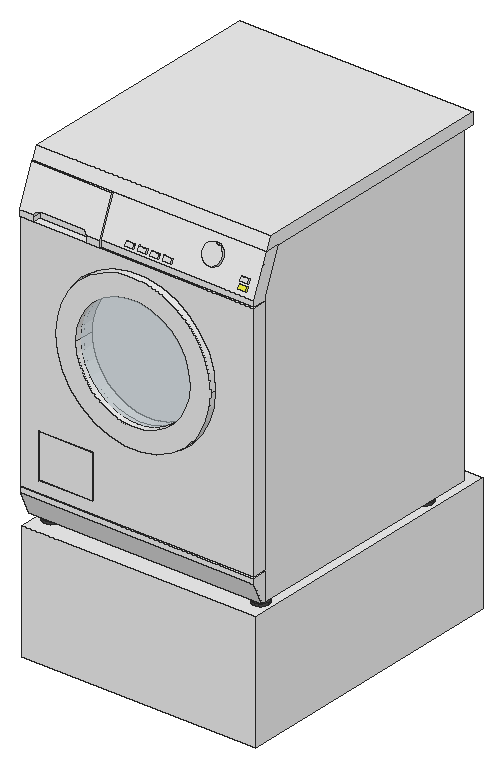
Revit family
Parameters (values of type "5.0 Kw")
  Warranty Duration (Years) = 0
  Voltage_MEP = 240 V
  URL = "http://www.professionallaundry.com/intro/default.asp"
  Specification = "http://www.arcat.com/sdspecs/htm/11110mpp.htm"
  Send Message = "http://www.arcat.com/users.pl?action=UserEmail&company=Miele%20Professional%20Products&coid=46081&rep=121&fax=609-419-4298&mf="
  Sales Information = "http://miele.com/locator/locator_new.asp?nav=800&snav=800&tnav=800&oT=7"
  Revision = "R1_03-2010"
  Product Properties = "http://www.arcat.com/bim/bim_info.pl?fn=Miele"
  Product Data = "http://www.arcat.com/arcatcos/cos46/arc46081.html"
  Model = "PW 6065 - 5.0 Kw"
  Manufacturer Website = "http://www.professionallaundry.com/intro/default.asp"
  Manufacturer Phone - Toll Free = "800-843-7231 "
  Manufacturer Phone = "609-419-9898 "
  Manufacturer Fax = "609-419-4298"
  Manufacturer Address = "9 Independence Way, Princeton, NJ 08540"
  Manufacturer = "Miele Professional Products"
  Maintenance Schedule (Months) = 0
  MEP Wattage = Voltage_MEP * MEP Amperage  # 7200 VA
  MEP Amperage = 30 A
  Keynote = "11 23 00"
  Installation-Fabrication = "http://www.professionallaundry.com/model/modelsintro.asp"
  Installation Phase = ""
  HW2 = Connection Dia HW / 2  # 0' - 0 1/4"
  Green Building-LEED = "http://www.arcat.com/green/clients/leed_data_46081.html"
  Expected Lifespan (Years) = 0
  Drawn By = "Robert S. Weygant, CSI, CDT, SCIP"
  Description = "Miele PW6065 5.0Kw Commercial Washer"
  DWV2 = Connection Dia DWV / 2  # 0' - 1 1/2"
  Copyright = "2010, ARCAT, Inc"
  Construction Details = "http://www.professionallaundry.com/model/modelsintro.asp"
  Connection Dia HW = 0' - 0 1/2"
  Connection Dia Electrical = 0' - 1"
  Connection Dia DWV = 0' - 3"
  Connection Dia CW = 0' - 0 1/2"
  Connect Dpth = -0' - 1"
  Circuits = 2
  Capacity = "15 Lbs"
  CW2 = Connection Dia CW / 2  # 0' - 0 1/4"
  Body Material = Metal - Stainless Steel
  Assembly Code = "E1090320"
Types (2): name | Voltage_MEP | Model | MEP Wattage | MEP Amperage | Description
  5.0 Kw | 240 V | "PW 6065 - 5.0 Kw" | 7200 VA | 30 A | "Miele PW6065 5.0Kw Commercial Washer"
  4.0 Kw | 208 V | "PW 6065 - 4.0 Kw" | 4160 VA | 20 A | "Miele PW6065 4.0Kw Commercial Washer"
Reference planes (in)
  plane 1 "Center (Front/Back)": y = 0
  plane 2: z = 0
  plane 3 "Center (Left/Right)": x = 0
  plane 4 "Connection Plane": y = 12.70794
  plane 5: z = 54.97762
Forms (in)
  Extrusion 1, solid, material "Electrical"
    sketch origin (11.25, 12.70794, 46.69681) x (-1, 0, 0) y (0, 0, -1)
      loop
        circle (19.22397, 6.9376) r 0.5
    from 0 to -1 <- "Connect Dpth"
  Extrusion 2, solid, material "Pb Sanitary"
    sketch origin (13.279, 12.70794, 22.11087) x (-1, 0, 0) y (0, 0, -1)
      loop
        circle (20.22397, 6.9376) r 1.5
    from 0 to -1.57403
  Extrusion 3, solid, material "Pb Supply Cold"
    sketch origin (16.625, 12.70794, 46.69681) x (-1, 0, 0) y (0, 0, -1)
      loop
        circle (18.97397, 6.9376) r 0.25
    from 0 to -1 <- "Connect Dpth"
  Extrusion 4, solid, material "Pb Supply Hot"
    sketch origin (21.375, 12.70794, 46.69681) x (-1, 0, 0) y (0, 0, -1)
      loop
        circle (18.97397, 6.9376) r 0.25
    from 0 to -1 <- "Connect Dpth"
  Extrusion 5, solid, material "Appliance Foot", not visible
    sketch origin (-17.94491, 0, 5.70173) x (1, 0, 0) y (0, 1, 0)
      loop
        circle (4.33957, -18.03075) r 0.81159
    from 0 to 0.18037
  Extrusion 6, solid, material "Appliance Foot", not visible
    sketch origin (-17.94491, 0, 5.70173) x (1, 0, 0) y (0, 1, 0)
      loop
        circle (4.31639, -18.03075) r 0.18544
    from 0.18037 to 0.7822
  Extrusion 7, solid, material "Appliance Foot"
    sketch origin (-14.89593, 6.71185, 11.81) x (1, 0, 0) y (0, 1, 0)
      loop
        circle (4.33957, -18.03075) r 0.81159
    from 0 to 0.18037
  Extrusion 8, solid, material "Metal - Stainless Steel" <- "Body Material"
    sketch origin (0, 9.41378, 0) x (1, 0, 0) y (0, 0, 1)
      loop
        line (-11.75889, 15.47047) -> (11.7126, 15.47047) -> (11.7126, 39.64228) -> (-11.75889, 39.64228) -> (-11.75889, 15.47047)
      loop
        circle (0, 30.83237) r 7.9
      loop
        line (-9.95339, 21.06416) -> (-9.95339, 16.52726) -> (-4.44431, 16.52726) -> (-4.44431, 21.06416) -> (-9.95339, 21.06416)
    from 21.71884 to 23.09391
  Extrusion 9, solid, material "Metal - Stainless Steel" <- "Body Material"
    sketch origin (0, 9.41378, 0) x (1, 0, 0) y (0, 0, 1)
      loop
        circle (0, 30.83237) r 7.75
      loop
        circle (0, 30.83237) r 5.75
    from 21.71884 to 23.64024
  Extrusion 10, solid, material "Glass - Laundry"
    sketch origin (0, 9.41378, 0) x (1, 0, 0) y (0, 0, 1)
      loop
        circle (0, 30.83237) r 5.75
    from 22.70332 to 23.09391
  Extrusion 11, solid, material "Appliance Foot"
    sketch origin (-14.89593, 6.71185, 11.81) x (1, 0, 0) y (0, 1, 0)
      loop
        circle (4.31639, -18.03075) r 0.18544
    from 0.18037 to 0.7822
  Extrusion 12, solid, material "Appliance Foot"
    sketch origin (-14.89593, 27.35791, 11.81) x (1, 0, 0) y (0, 1, 0)
      loop
        circle (4.33957, -18.03075) r 0.81159
    from 0 to 0.18037
  Extrusion 13, solid, material "Appliance Foot"
    sketch origin (-14.89593, 27.35791, 11.81) x (1, 0, 0) y (0, 1, 0)
      loop
        circle (4.31639, -18.03075) r 0.18544
    from 0.18037 to 0.7822
  Extrusion 14, solid, material "Appliance Foot"
    sketch origin (6.14479, 6.71185, 11.81) x (1, 0, 0) y (0, 1, 0)
      loop
        circle (4.33957, -18.03075) r 0.81159
    from 0 to 0.18037
  Extrusion 15, solid, material "Appliance Foot"
    sketch origin (6.14479, 6.71185, 11.81) x (1, 0, 0) y (0, 1, 0)
      loop
        circle (4.31639, -18.03075) r 0.18544
    from 0.18037 to 0.7822
  Extrusion 16, solid, material "Appliance Foot"
    sketch origin (6.14479, 27.35791, 11.81) x (1, 0, 0) y (0, 1, 0)
      loop
        circle (4.33957, -18.03075) r 0.81159
    from 0 to 0.18037
  Extrusion 17, solid, material "Appliance Foot"
    sketch origin (6.14479, 27.35791, 11.81) x (1, 0, 0) y (0, 1, 0)
      loop
        circle (4.31639, -18.03075) r 0.18544
    from 0.18037 to 0.7822
  Extrusion 18, solid, material "White"
    sketch origin (2.71984, -15.12676, 36.93336) x (0, -0.388057, -0.921635) y (1, 0, 0)
      loop
        line (-4.50602, -3.9823) -> (-4.08882, -3.9823) -> (-4.08882, -3.19426) -> (-4.50602, -3.19426) -> (-4.50602, -3.9823)
      loop
        line (-4.50602, -2.76203) -> (-4.08882, -2.76203) -> (-4.08882, -1.92763) -> (-4.50602, -1.92763) -> (-4.50602, -2.76203)
      loop
        line (-4.50602, -1.469) -> (-4.08882, -1.469) -> (-4.08882, -0.68095) -> (-4.50602, -0.68095) -> (-4.50602, -1.469)
      loop
        line (-4.50602, -0.20757) -> (-4.08882, -0.20757) -> (-4.08882, 0.58048) -> (-4.50602, 0.58048) -> (-4.50602, -0.20757)
      loop
        line (-5.261, 7.33254) -> (-4.8438, 7.33254) -> (-4.8438, 8.12058) -> (-5.261, 8.12058) -> (-5.261, 7.33254)
    from 0 to 0.125
  Extrusion 19, solid, material "White"
    sketch origin (2.2794, -15.16383, 36.84533) x (0, -0.388057, -0.921635) y (1, 0, 0)
      loop
        circle (-6.12987, 4.66739) r 1
    from 0 to 0.20873
  Extrusion 20, solid, material "Metal - Stainless Steel" <- "Body Material"
    sketch origin (0, 0, 0) x (0, 1, 0) y (0, 0, 1)
      loop
        line (-12.30506, 12.5922) -> (-12.30506, 15.34547) -> (-13.68013, 15.34547) -> (-13.68013, 14.76806) -> (-12.70794, 12.5922) -> (-12.30506, 12.5922)
    from -11.75889 to 11.7126
  Extrusion 21, solid, material "Metal - Stainless Steel" <- "Body Material"
    sketch origin (0, 5.75, 4.5) x (0, 1, 0) y (0, 0, 1)
      loop
        line (-16.38775, 39.54145) -> (-18.04128, 35.59134) -> (-18.04128, 8.0922) -> (6.95794, 8.0922) -> (6.95794, 39.54145) -> (-16.38775, 39.54145)
    from -11.75889 to 11.7126
  Extrusion 22, solid, material "Metal - Stainless Steel" <- "Body Material"
    sketch origin (0, -26.57908, 0) x (0, -1, 0) y (0, 0, -1)
      loop
        line (-14.44519, -44.04145) -> (-12.89895, -40.36911) -> (-12.89895, -39.76728) -> (-14.27402, -39.76728) -> (-14.27402, -40.08096) -> (-15.91617, -44.04145) -> (-14.44519, -44.04145)
    from -3.74011 to 11.7126
  Extrusion 23, solid, material "Metal - Stainless Steel" <- "Body Material"
    sketch origin (0, -23.07908, -0.75) x (0, -1, 0) y (0, 0, -1)
      loop
        line (-11.48221, -46.02637) -> (-10.97297, -44.8227) -> (-36.94438, -44.8227) -> (-36.94438, -46.02637) -> (-11.48221, -46.02637)
    from -11.75889 to 11.7126
  Extrusion 24, solid, material "Plastic - Yellow Light"
    sketch origin (2.71984, -15.12676, 36.93336) x (0, -0.388057, -0.921635) y (1, 0, 0)
      loop
        line (-5.261, 7.33254) -> (-4.8438, 7.33254) -> (-4.8438, 8.12058) -> (-5.261, 8.12058) -> (-5.261, 7.33254)
      loop
        line (-4.59416, 7.33254) -> (-4.17696, 7.33254) -> (-4.17696, 8.12058) -> (-4.59416, 8.12058) -> (-4.59416, 7.33254)
    from 0 to 0.125
  Extrusion 25, solid, material "Metal - Stainless Steel" <- "Body Material"
    sketch origin (0, 9.41378, 0) x (1, 0, 0) y (0, 0, 1)
      loop
        line (-9.85339, 20.96416) -> (-9.85339, 16.62726) -> (-4.54431, 16.62726) -> (-4.54431, 20.96416) -> (-9.85339, 20.96416)
    from 21.71884 to 23.09391
  Extrusion 26, solid, material "Metal - Stainless Steel" <- "Body Material"
    sketch origin (-15.60137, -26.57908, 0) x (0, -1, 0) y (0, 0, -1)
      loop
        line (-14.35144, -44.04145) -> (-12.8052, -40.36911) -> (-12.8052, -39.76728) -> (-14.27402, -39.76728) -> (-14.27402, -40.08096) -> (-15.91617, -44.04145) -> (-14.35144, -44.04145)
    from 3.84247 to 11.86126
  Extrusion 27, void
    sketch origin (0, 0, 0) x (1, 0, 0) y (0, 0, 1)
      loop
        line (-5.04614, 39.5821) -> (-5.04614, 40.18947)
        arc (-5.04614, 40.18947) -> (-5.20723, 40.57838) -> (-5.59614, 40.73947) r 0.55
        line (-5.59614, 40.73947) -> (-9.8212, 40.73947)
        arc (-9.8212, 40.73947) -> (-10.20929, 40.57872) -> (-10.37005, 40.19062) r 0.54885
        line (-10.37005, 40.19062) -> (-10.37005, 39.5821) -> (-5.04614, 39.5821)
    from 12.94581 to 15.62637
Cuts and joins
  Extrusion 27 cuts Extrusion 26
Lines and regions (in)
  Split face 1
    outline origin (0, -12.17444, 43.94513) x (0, -0.388057, -0.921635) y (1, 0, 0)
      loop
        line (0.45618, -2.19763) -> (2.63489, -2.19763) -> (2.63489, 6.92423)
        arc (2.63489, 6.92423) -> (1.54553, 8.01359) -> (0.45618, 6.92423) r 1.08935
        line (0.45618, 6.92423) -> (0.45618, -2.19763)
  symbolic lines, style "MechanicalEquipmentHiddenLines"
    curve 1: line (17.63224, -24.61985, 0) -> (7.78587, -14.22646, 0)
    curve 2: line (16.06683, -25.87218, 0) -> (17.63224, -24.61985, 0)
    curve 3: arc (0, -14.22646, 33.92088) -> (0, -29.02249, 30.69349) -> (0, -14.22646, 27.4661) r 7.75
    curve 4: arc (0, -15.63734, 31.837) -> (0, -27.02248, 30.68288) -> (0, -15.63316, 29.57079) r 5.75
    curve 5: circle (0, -21.27249, 30.69349) r 5.5 normal (1, 0, 0)
    curve 6: line (0, -21.96691, 40.36911) -> (0, -20.47835, 43.88752)
    curve 7: line (0, -21.96691, 39.76728) -> (0, -21.96691, 40.36911)
    curve 8: line (0, -19.97623, 39.76728) -> (0, -21.96691, 39.76728)
    curve 9: line (0, -19.97623, 43.88752) -> (0, -19.97623, 39.76728)
    curve 10: line (0, -20.47835, 43.88752) -> (0, -19.97623, 43.88752)
    curve 11: line (0, -19.97623, 43.10051) -> (0, -12.62382, 43.10051)
    curve 12: line (0, -19.97623, 40.36911) -> (0, -13.77388, 40.36911)
    curve 13: line (0, -18.63368, 16.52726) -> (0, -18.63368, 21.06416)
    curve 14: line (0, -18.63368, 21.06416) -> (0, -13.68013, 21.06416)
    curve 15: line (0, -13.68013, 16.52726) -> (0, -18.63368, 16.52726)
    curve 16: arc (16.06683, -25.87218, 0) -> (0.50982, -27.51111, 0) -> (-7.75, -14.22646, 0) r 14.73062
Dimensions and locks (in)
  "Connection Dia Electrical": Extrusion 1 sketch curve to Extrusion 1 sketch curve
  "Connection Dia DWV": Extrusion 2 sketch curve to Extrusion 2 sketch curve
  "Connection Dia CW": Extrusion 3 sketch curve to Extrusion 3 sketch curve
  "Connection Dia HW": Extrusion 4 sketch curve to Extrusion 4 sketch curve
  aligned and locked: Extrusion 1 to Extrusion 3
  aligned and locked: Extrusion 1 to Extrusion 4
Automatic sketch dimensions
  Extrusion 1 sketch curve to Extrusion 1 sketch curve = 0' - 0"  (x2)
  Extrusion 1 sketch curve to plane 5 = 1' - 3.21841"
  Extrusion 1 sketch curve to plane 3 "Center (Left/Right)" = 0' - 7.47397"
  Extrusion 2 sketch curve to Extrusion 2 sketch curve = 0' - 0"  (x2)
  Extrusion 2 sketch curve to plane 3 "Center (Left/Right)" = 0' - 5.44497"
  level to Extrusion 2 sketch curve = 1' - 3.17327"
  Extrusion 3 sketch curve to Extrusion 3 sketch curve = 0' - 0"  (x2)
  Extrusion 3 sketch curve to plane 3 "Center (Left/Right)" = 0' - 2.09897"
  Extrusion 3 sketch curve to plane 5 = 1' - 3.21841"
  Extrusion 4 sketch curve to Extrusion 4 sketch curve = 0' - 0"  (x2)
  plane 3 "Center (Left/Right)" to Extrusion 4 sketch curve = 0' - 2.65103"
  Extrusion 4 sketch curve to plane 5 = 1' - 3.21841"
  Extrusion 8 sketch curve to plane 3 "Center (Left/Right)" = 0' - 0"
  Extrusion 8 sketch curve to plane 3 "Center (Left/Right)" = 0' - 4.44431"
  Extrusion 8 sketch curve to Extrusion 8 sketch curve = 0' - 5.50909"
  Extrusion 8 sketch curve to Extrusion 8 sketch curve = 0' - 1.8055"
  plane 3 "Center (Left/Right)" to Extrusion 8 sketch curve = 0' - 11.7126"
  level to Extrusion 8 sketch curve = 1' - 3.47047"
  Extrusion 8 sketch curve to Extrusion 8 sketch curve = 0' - 1.05679"
  Extrusion 8 sketch curve to Extrusion 8 sketch curve = 0' - 4.5369"
  Extrusion 8 sketch curve to Extrusion 8 sketch curve = 0' - 9.76821"
  Extrusion 8 sketch curve to Extrusion 8 sketch curve = 0' - 8.80991"
  Extrusion 9 sketch curve to Extrusion 9 sketch curve = 0' - 0"  (x2)
  Extrusion 9 sketch curve to plane 3 "Center (Left/Right)" = 0' - 0"
  Extrusion 9 sketch curve to plane 5 = 2' - 0.14525"
  Extrusion 10 sketch curve to plane 3 "Center (Left/Right)" = 0' - 0"
  Extrusion 10 sketch curve to plane 5 = 2' - 0.14525"
  Extrusion 22 to Extrusion 18 sketch curve = 0' - 1.53311"
  Extrusion 18 sketch curve to Extrusion 18 sketch curve = 0' - 0.4172"
  Extrusion 22 to Extrusion 18 sketch curve = 0' - 0.77813"  (x2)
  Extrusion 18 sketch curve to Extrusion 18 sketch curve = 0' - 0"  (x2)
  Extrusion 22 to Extrusion 18 sketch curve = 0' - 0.36093"  (x4)
  Extrusion 22 to Extrusion 18 sketch curve = 1' - 0.97506"
  Extrusion 18 sketch curve to Extrusion 18 sketch curve = 0' - 0.78804"  (x3)
  Extrusion 18 sketch curve to Extrusion 18 sketch curve = 0' - 0.43223"
  Extrusion 18 sketch curve to Extrusion 18 sketch curve = 0' - 0.8344"
  Extrusion 18 sketch curve to Extrusion 18 sketch curve = 0' - 0.45863"
  Extrusion 18 sketch curve to Extrusion 18 sketch curve = 0' - 8.01349"
  Extrusion 18 sketch curve to Extrusion 18 sketch curve = 0' - 0.47339"
  Extrusion 22 to Extrusion 18 sketch curve = 0' - 8.41228"
  Extrusion 22 to Extrusion 19 sketch curve = 0' - 1.67812"
  Extrusion 22 to Extrusion 19 sketch curve = 0' - 4.76581"
  plane 1 "Center (Front/Back)" to Extrusion 20 sketch curve = 1' - 1.68013"
  Extrusion 20 sketch curve to Extrusion 20 sketch curve = 0' - 0.97219"
  Extrusion 20 sketch curve to Extrusion 20 sketch curve = 0' - 0.40288"
  level to Extrusion 20 sketch curve = 1' - 0.5922"
  Extrusion 20 sketch curve to Extrusion 20 sketch curve = 0' - 2.17586"
  Extrusion 20 sketch curve to Extrusion 20 sketch curve = 0' - 0.57741"
  Extrusion 21 sketch curve to plane 4 "Connection Plane" = 0' - 0"
  plane 1 "Center (Front/Back)" to Extrusion 21 sketch curve = 0' - 10.63775"
  plane 1 "Center (Front/Back)" to Extrusion 21 sketch curve = 1' - 0.29128"
  level to Extrusion 21 sketch curve = 1' - 0.5922"
  Extrusion 21 sketch curve to plane 5 = 1' - 2.88628"
  Extrusion 21 sketch curve to plane 5 = 0' - 10.93617"
  Extrusion 22 sketch curve to plane 1 "Center (Front/Back)" = 0' - 10.6629"
  Extrusion 22 sketch curve to Extrusion 22 sketch curve = 0' - 1.47098"
  Extrusion 22 sketch curve to Extrusion 22 sketch curve = 0' - 0.17118"
  Extrusion 22 sketch curve to Extrusion 22 sketch curve = 0' - 1.37507"
  plane 5 to Extrusion 22 sketch curve = 1' - 3.21034"
  Extrusion 22 sketch curve to Extrusion 22 sketch curve = 0' - 0.31368"
  Extrusion 22 sketch curve to Extrusion 22 sketch curve = 0' - 0.60183"
  Extrusion 22 sketch curve to Extrusion 22 sketch curve = 0' - 3.9605"
  plane 4 "Connection Plane" to Extrusion 23 sketch curve = 0' - 1.15737"
  Extrusion 23 sketch curve to plane 1 "Center (Front/Back)" = 0' - 11.59686"
  Extrusion 23 sketch curve to Extrusion 23 sketch curve = 0' - 0.50924"
  plane 5 to Extrusion 23 sketch curve = 0' - 10.90492"
  Extrusion 23 sketch curve to Extrusion 23 sketch curve = 0' - 1.20367"
  Extrusion 22 to Extrusion 24 sketch curve = 0' - 1.53311"
  Extrusion 24 sketch curve to Extrusion 24 sketch curve = 0' - 0.4172"
  Extrusion 24 sketch curve to Extrusion 24 sketch curve = 0' - 0.24963"
  Extrusion 22 to Extrusion 24 sketch curve = 0' - 0.44908"
  Extrusion 22 to Extrusion 24 sketch curve = 0' - 1.66022"
  Extrusion 24 sketch curve to Extrusion 24 sketch curve = 0' - 0"  (x2)
  Extrusion 24 sketch curve to Extrusion 24 sketch curve = 0' - 0.78804"
  Extrusion 25 sketch curve to plane 3 "Center (Left/Right)" = 0' - 9.85339"
  Extrusion 25 sketch curve to plane 3 "Center (Left/Right)" = 0' - 4.54431"
  level to Extrusion 25 sketch curve = 1' - 4.62726"
  Extrusion 25 sketch curve to Extrusion 25 sketch curve = 0' - 4.3369"
  Extrusion 26 sketch curve to plane 1 "Center (Front/Back)" = 0' - 10.6629"
  Extrusion 26 sketch curve to Extrusion 26 sketch curve = 0' - 1.56473"
  Extrusion 26 sketch curve to Extrusion 26 sketch curve = 0' - 0.07743"
  Extrusion 26 sketch curve to Extrusion 26 sketch curve = 0' - 1.46882"
  plane 5 to Extrusion 26 sketch curve = 1' - 3.21034"
  Extrusion 26 sketch curve to Extrusion 26 sketch curve = 0' - 0.31368"
  Extrusion 26 sketch curve to Extrusion 26 sketch curve = 0' - 0.60183"
  Extrusion 26 sketch curve to Extrusion 26 sketch curve = 0' - 3.9605"
  Extrusion 22 to Split face 1 sketch curve = 0' - 0.5607"
  Split face 1 sketch curve to Split face 1 sketch curve = 0' - 1.08935"
  Split face 1 sketch curve to Extrusion 22 = 0' - 1.54248"
  Split face 1 sketch curve to Extrusion 22 = 0' - 4.78837"
  Extrusion 27 sketch curve to plane 3 "Center (Left/Right)" = 0' - 10.37005"
  Extrusion 27 sketch curve to Extrusion 27 sketch curve = 0' - 0.54885"
  Extrusion 27 sketch curve to Extrusion 27 sketch curve = 0' - 4.22506"
  Extrusion 27 sketch curve to Extrusion 27 sketch curve = 0' - 0.55"
  Extrusion 27 sketch curve to plane 5 = 1' - 3.39552"
  Extrusion 27 sketch curve to Extrusion 27 sketch curve = 0' - 0.60737"
  curve 3 to curve 4 = 0' - 0"  (x2)
  curve 3 to curve 5 = 0' - 0"  (x2)
  curve 4 to curve 5 = 0' - 0"  (x2)
  plane 1 "Center (Front/Back)" to curve 7 = 1' - 9.96691"
  curve 7 to curve 4 = 0' - 0.69442"
  curve 6 to curve 6 = 0' - 1.48856"
  curve 6 to curve 12 = 0' - 1.99068"
  curve 3 to curve 13 = 0' - 2.63881"
  curve 3 to curve 4 = 0' - 5.63515"
  curve 4 to curve 4 = 0' - 0.00418"
  curve 4 to curve 3 = 0' - 1.40669"
  curve 4 to curve 3 = 0' - 1.41087"
  curve 12 to curve 12 = 0' - 6.20235"
  curve 13 to curve 15 = 0' - 4.95355"
  curve 14 to curve 15 = 0' - 0"
  curve 12 to curve 11 = 0' - 1.15006"
  level to curve 15 = 1' - 4.52726"
  curve 15 to curve 14 = 0' - 4.5369"
  curve 14 to curve 3 = 0' - 6.40194"
  curve 3 to curve 4 = 0' - 2.1047"
  curve 4 to curve 5 = 0' - 1.1227"
  curve 3 to curve 9 = 0' - 5.8464"
  curve 7 to curve 6 = 0' - 0.60183"
  curve 8 to curve 12 = 0' - 0.60183"
  curve 12 to curve 11 = 0' - 2.7314"
  curve 11 to curve 10 = 0' - 0.78701"
  curve 16 to plane 3 "Center (Left/Right)" = 0' - 7 3/4"
  plane 3 "Center (Left/Right)" to curve 16 = 0' - 6.98053"
  curve 16 to curve 1 = 0' - 0.80535"
  curve 1 to curve 16 = 0' - 8.28096"
  curve 2 to curve 2 = 0' - 1.56541"
  plane 1 "Center (Front/Back)" to curve 16 = 2' - 1.87218"
  curve 2 to curve 2 = 0' - 1.25233"
  plane 1 "Center (Front/Back)" to curve 16 = 1' - 2.27778"
  curve 16 to curve 1 = 0' - 0.05132"
  radius of Extrusion 5 sketch curve = 0' - 0.81159"
  radius of Extrusion 6 sketch curve = 0' - 0.18544"
  radius of Extrusion 7 sketch curve = 0' - 0.81159"
  radius of Extrusion 11 sketch curve = 0' - 0.18544"
  radius of Extrusion 12 sketch curve = 0' - 0.81159"
  radius of Extrusion 13 sketch curve = 0' - 0.18544"
  radius of Extrusion 14 sketch curve = 0' - 0.81159"
  radius of Extrusion 15 sketch curve = 0' - 0.18544"
  radius of Extrusion 16 sketch curve = 0' - 0.81159"
  radius of Extrusion 17 sketch curve = 0' - 0.18544"
  radius of Extrusion 8 sketch curve = 0' - 7.9"
  radius of Extrusion 9 sketch curve = 0' - 7 3/4"
  radius of Extrusion 9 sketch curve = 0' - 5 3/4"
  radius of Extrusion 10 sketch curve = 0' - 5 3/4"
  radius of Extrusion 19 sketch curve = 0' - 1"
  radius of curve 5 = 0' - 5 1/2"
Nested families (in)
  nested 1: "UG_xxxx_Base_Miele" at (0, 0.71851, 0), type "ByType"
    with Width 1' - 11.54", Length 2' - 4.54", Height 0' - 11.81"
Connectors (in)
  electrical at (-7.97397, 13.70794, 39.75921), driven by "Voltage_MEP", driven by "MEP Wattage"
    settings: on Extrusion 1, index 1
  piping at (2.40103, 13.70794, 39.75921), driven by "HW2"
    settings: on Extrusion 4, index 2
  piping at (-2.34897, 13.70794, 39.75921), driven by "CW2"
    settings: on Extrusion 3, index 3
  piping at (-6.94497, 14.28196, 15.17327), driven by "DWV2"
    settings: on Extrusion 2, index 5
Definition of nested family "UG_xxxx_Base_Miele"
  Parameters (values of type "ByType")
    Width = 2' - 6.87276"
    Warranty Duration (Years) = 0
    URL = "http://www.professionallaundry.com/intro/default.asp"
    Specification = "http://www.arcat.com/sdspecs/htm/11110mpp.htm"
    Send Message = "http://www.arcat.com/users.pl?action=UserEmail&company=Miele%20Professional%20Products&coid=46081&rep=121&fax=609-419-4298&mf="
    Sales Information = "http://miele.com/locator/locator_new.asp?nav=800&snav=800&tnav=800&oT=7"
    Revision = "R1_03-2010"
    Product Properties = "http://www.arcat.com/bim/bim_info.pl?fn=Miele"
    Product Data = "http://www.arcat.com/arcatcos/cos46/arc46081.html"
    Model = "As Specified in 11 23 00"
    Material = Metal - Stainless Steel
    Manufacturer Website = "http://www.professionallaundry.com/intro/default.asp"
    Manufacturer Phone - Toll Free = "800-843-7231 "
    Manufacturer Phone = "609-419-9898 "
    Manufacturer Fax = "609-419-4298"
    Manufacturer Address = "9 Independence Way, Princeton, NJ 08540"
    Manufacturer = "Miele Professional Products"
    Maintenance Schedule (Months) = 0
    Length = 2' - 7.1509"
    Keynote = "11 23 00"
    Installation-Fabrication = "http://www.professionallaundry.com/model/modelsintro.asp"
    Installation Phase = ""
    Height = 0' - 5.70173"
    Green Building-LEED = "http://www.arcat.com/green/clients/leed_data_46081.html"
    Expected Lifespan (Years) = 0
    Drawn By = "Robert S. Weygant, CSI, CDT, SCIP"
    Description = "As Specified in 11 23 00"
    Copyright = "2010, ARCAT, Inc"
    Construction Details = "http://www.professionallaundry.com/model/modelsintro.asp"
    Assembly Code = "E1090320"
  Reference planes (in)
    plane 1 "Center (Front/Back)": y = 0
    plane 2: z = 0
    plane 3 "Center (Left/Right)": x = 0
    plane 4: y = 15.57545
    plane 5: x = 15.43638
    plane 6: x = -15.43638
    plane 7: y = -15.57545
    plane 8: z = 5.70173
  Forms (in)
    Extrusion 1, solid, material "Metal - Stainless Steel" <- "Material"
      sketch origin (0, 7.28826, 0) x (1, 0, 0) y (0, 0, 1)
        loop
          line (-15.43638, 5.70173) -> (-15.43638, 0) -> (15.43638, 0) -> (15.43638, 5.70173) -> (-15.43638, 5.70173)
      from -8.28719 to 22.86371
  Dimensions and locks (in)
    equal spacing: plane 6, plane 3 "Center (Left/Right)", plane 5
    "Width": plane 6 to plane 5
    equal spacing: plane 4, plane 1 "Center (Front/Back)", plane 7
    "Length": plane 4 to plane 7
    "Height": plane 8 to level
    aligned and locked: plane 8 to Extrusion 1
    aligned and locked: Extrusion 1 to plane 6
    aligned and locked: Extrusion 1 to plane 5
    aligned and locked: plane 4 to Extrusion 1
    aligned and locked: Extrusion 1 to plane 7
  Automatic sketch dimensions
    Extrusion 1 sketch curve to level = 0' - 0"
    Extrusion 1 sketch curve to plane 5 = 0' - 0"
    plane 6 to Extrusion 1 sketch curve = 0' - 0"
    level to Extrusion 1 sketch curve = 0' - 5.70173"
